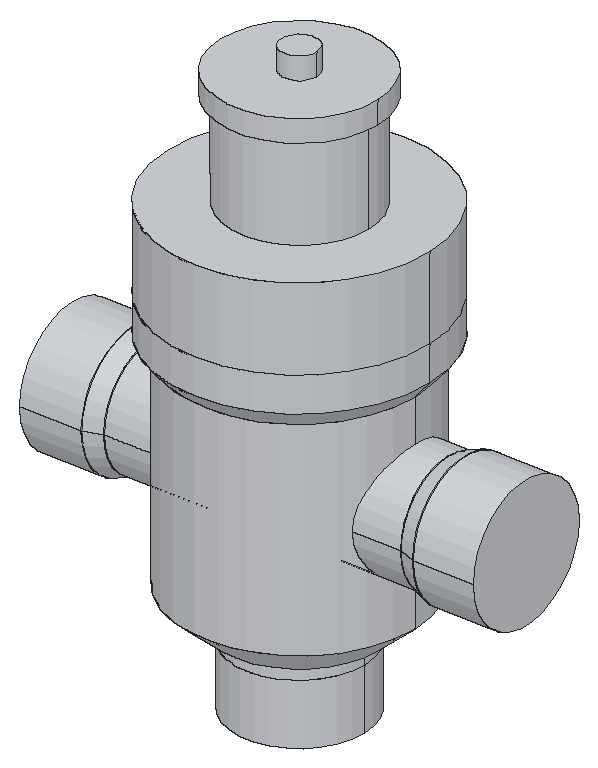
Revit family "VMX10P_DN15_PN16_RFA_2018", category Pipe Accessories, Revit 2018
Family settings
  Round Connector Dimension = Use Diameter
  Part Type = Valve - Breaks Into
  Work Plane-Based = No
  Always vertical = Yes
  Cut with Voids When Loaded = No
  Shared = No
Parameters (values of type "VMX10P G1/2  PN16 kvs0,4")
  magiProductId = ""
  magiProductFamilyId = ""
  magiPartTypeId = 320
  isMeasuringValve [instance] = no
  ang2D [instance] = 0.00°
  Z9 = 7 mm
  Z8 = 4 mm
  Z7__ve = -Z7  # -2.5 mm
  Z7 = 2.5 mm
  Z6 = 8.775 mm
  Z5 = 9.45 mm
  Z3 = 2 mm
  Z2 = 5 mm
  Z1 = 3.75 mm
  X4__ve = -X4  # -7 mm
  X4 = 7 mm
  X3 = 34 mm
  X1 = 5.2 mm
  W2D = 15 mm
  VersionID = ""
  Use Minimum Symbol Size [instance] = no
  URL = "www.hydronix.cz"
  Type Comments = "Závitový, vnější závit, ploché těsnění; LIN charakteristika; PN16; +5~+95°C; max.rychlost proudění 3,0 m/s"
  TL = 52 mm
  R9 = 9 mm
  R8 = 2 mm
  R7 = 15 mm
  R6 = 9 mm
  R5 = 10.214 mm
  R4 = 8.512 mm
  R3 = 7.5 mm
  R2 = 13.3 mm
  R10 = 8 mm
  R1 = 6.75 mm
  QmdConnectorList = "301;D;302;D;303;D"
  Productdata [instance] = ""
  Manufacturer = "Hydronix"
  MT = 1
  MC Product Code = "VMX10P (G1/2\"; dpmax=250kPa; kvs 0,4)"
  MC = yes
  LT2 = 19 mm
  L2D_Min = 30.48 mm
  L2D = 38 mm
  L = 38 mm
  H1 = 23.8 mm
  H = 27 mm
  E = 16 mm
  Description = "3 cestný regulační ventil malých spotřebičů, DN15; zdvih 2,5mm; max dp 250kPa; kvs0,4"
  DT2 = 7.5 mm
  D = 15 mm
  CS = no
  CAT0 = yes
  CAT = no
  C = 25 mm
  Assembly Code = ""
Types (8, lengths in mm): name | Z9 | Z6 | Z5 | Z2 | Z1 | X3 | X1 | W2D | TL | R6 | R5 | R4 | R3 | R2 | R1 | MC Product Code | LT2 | L2D | L | H1 | H | Description | DT2 | D | C
  VMX09P G1/2  PN16 kvs0,25 | 7 | 8.775 | 9.45 | 5 | 3.75 | 34 | 5.2 | 15 | 52 | 9 | 10.214 | 8.512 | 7.5 | 13.3 | 6.75 | "VMX09P (G1/2\"; dpmax=250kPa; kvs 0,25)" | 19 | 38 | 38 | 23.8 | 27 | "3 cestný regulační ventil malých spotřebičů, DN15; zdvih 2,5mm; max dp 250kPa; kvs0,25" | 7.5 | 15 | 25
  VMX10P G1/2  PN16 kvs0,4 | 7 | 8.775 | 9.45 | 5 | 3.75 | 34 | 5.2 | 15 | 52 | 9 | 10.214 | 8.512 | 7.5 | 13.3 | 6.75 | "VMX10P (G1/2\"; dpmax=250kPa; kvs 0,4)" | 19 | 38 | 38 | 23.8 | 27 | "3 cestný regulační ventil malých spotřebičů, DN15; zdvih 2,5mm; max dp 250kPa; kvs0,4" | 7.5 | 15 | 25
  VMX11P G1/2  PN16 kvs0,6 | 7 | 8.775 | 9.45 | 5 | 3.75 | 34 | 5.2 | 15 | 52 | 9 | 10.214 | 8.512 | 7.5 | 13.3 | 6.75 | "VMX11P (G1/2\"; dpmax=250kPa; kvs 0,6)" | 19 | 38 | 38 | 23.8 | 27 | "3 cestný regulační ventil malých spotřebičů, DN15; zdvih 2,5mm; max dp 250kPa; kvs0,6" | 7.5 | 15 | 25
  VMX12P G1/2  PN16 kvs1,0 | 7 | 8.775 | 9.45 | 5 | 3.75 | 34 | 5.2 | 15 | 52 | 9 | 10.214 | 8.512 | 7.5 | 13.3 | 6.75 | "VMX12P (G1/2\"; dpmax=250kPa; kvs 1,0)" | 19 | 38 | 38 | 23.8 | 27 | "3 cestný regulační ventil malých spotřebičů, DN15; zdvih 2,5mm; max dp 250kPa; kvs1,0" | 7.5 | 15 | 25
  VMX13P G1/2  PN16 kvs1,6 | 7 | 8.775 | 9.45 | 5 | 3.75 | 34 | 5.2 | 15 | 52 | 9 | 10.214 | 8.512 | 7.5 | 13.3 | 6.75 | "VMX13P (G1/2\"; dpmax=250kPa; kvs 1,6)" | 19 | 38 | 38 | 23.8 | 27 | "3 cestný regulační ventil malých spotřebičů, DN15; zdvih 2,5mm; max dp 250kPa; kvs1,6" | 7.5 | 15 | 25
  VMX21P G3/4  PN16 kvs2,5 | 8.8 | 8.45 | 9.1 | 6.8 | 5.1 | 38 | 5.6 | 20 | 56 | 12 | 11.29 | 9.408 | 10 | 14.7 | 9 | "VMX21P (G3/4\"; dpmax=150kPa; kvs 2,5)" | 21 | 42 | 42 | 29 | 26 | "3 cestný regulační ventil malých spotřebičů, DN20; zdvih 2,5mm; max dp 150kPa; kvs2,5" | 10 | 20 | 34
  VMX24P G3/4  PN16 kvs4,0 | 8.8 | 8.45 | 9.1 | 6.8 | 5.1 | 38 | 5.6 | 20 | 56 | 12 | 11.29 | 9.408 | 10 | 14.7 | 9 | "VMX24P (G3/4\";  dpmax A-AB=100kPa;  dpmax B-AB=40kPa;  kvs 4,0)" | 21 | 42 | 42 | 29 | 26 | "3 cestný regulační ventil malých spotřebičů, DN20; zdvih 2,5mm; max dp A-AB 100kPa; max dp B-AB 40kPa; kvs4,0" | 10 | 20 | 34
  VMX26P G3/4  PN16 kvs6,0 | 8.8 | 8.45 | 9.1 | 6.8 | 5.1 | 38 | 5.6 | 20 | 56 | 12 | 11.29 | 9.408 | 10 | 14.7 | 9 | "VMX26P (G3/4\";  dpmax A-AB=100kPa;  dpmax B-AB=40kPa;  kvs 6,0)" | 21 | 42 | 42 | 29 | 26 | "3 cestný regulační ventil malých spotřebičů, DN20; zdvih 2,5mm; max dp A-AB 100kPa; max dp B-AB 40kPa; kvs6,0" | 10 | 20 | 34
Reference planes
  plane 1 "Center (Front/Back)": y = 0
  plane 2 "XYPLANE": z = 0
  plane 3 "Center (Left/Right)": x = 0
  plane 4 "271": z = 38
  plane 5 "254": z = 11.55
  plane 6 "253": z = 17.55
  plane 7 "148": z = 40.5
  plane 8 "132": z = 43
  plane 9 "62": z = 13.55
  plane 10 "53": z = 27
  plane 11 "52": z = -12.25
  plane 12 "48": z = -16
  plane 13 "47": z = -18
  plane 14 "38": z = -23
  plane 15 "37": x = 17
  plane 16 "36": x = 19
  plane 17 "23": z = -25
  plane 18 "19": x = -17
  plane 19 "15": x = -19
  plane 20 "6": x = 26
  plane 21 "5": x = -26
  plane 22 "3": z = 0
  plane 23 "2": y = 0
  plane 24 "1": x = 0
Forms (mm)
  Extrusion 1, solid
    sketch origin (-750, 0, -25) x (1, 0, 0) y (0, 1, 0)
      loop
        circle (750, 0) r 7.5
    from 0 to 7 <- "Z9"
  Extrusion 2, solid, visible <- "CAT0"
    sketch origin (-750, 0, 43) x (1, 0, 0) y (0, 1, 0)
      loop
        circle (750, 0) r 2
    from 0 to -2.5 <- "Z7__ve"
  Extrusion 3, solid, visible <- "CAT0"
    sketch origin (-750, 0, 38) x (1, 0, 0) y (0, 1, 0)
      loop
        circle (750, 0) r 8
    from 0 to -19
  Extrusion 4, solid, visible <- "CAT0"
    sketch origin (-17, -750, 0) x (0, 1, 0) y (0, 0, 1)
      loop
        circle (750, 0) r 6.75
    from 0 to 34 <- "X3"
  Extrusion 5, solid
    sketch origin (-750, 0, 13.55) x (1, 0, 0) y (0, 1, 0)
      loop
        circle (750, 0) r 15
    from 0 to 4 <- "Z8"
  Extrusion 6, solid
    sketch origin (-750, 0, 40.5) x (1, 0, 0) y (0, 1, 0)
      loop
        circle (750, 0) r 9
    from 0 to -2.5 <- "Z7__ve"
  Extrusion 7, solid
    sketch origin (-750, 0, 17.55) x (1, 0, 0) y (0, 1, 0)
      loop
        circle (750, 0) r 15
    from 0 to 9.45 <- "Z5"
  Blend 8, solid
    base sketch origin (-750, 0, 11.55) x (1, 0, 0) y (0, 1, 0)
      loop
        circle (750, 0) r 13.3
    top sketch origin (-750, 0, 11.55) x (1, 0, 0) y (0, 1, 0)
      loop
        circle (750, 0) r 15
    from 0 to 2
  Blend 9, solid
    base sketch origin (-750, 0, -12.25) x (1, 0, 0) y (0, 1, 0)
      loop
        circle (750, 0) r 13.3
    top sketch origin (-750, 0, -12.25) x (1, 0, 0) y (0, 1, 0)
      loop
        circle (750, 0) r 9
    from 0 to -3.75
  Extrusion 10, solid
    sketch origin (-750, 0, -18) x (1, 0, 0) y (0, 1, 0)
      loop
        circle (750, 0) r 7.5
    from 0 to 2 <- "Z3"
  Extrusion 11, solid
    sketch origin (26, -750, 0) x (0, 1, 0) y (0, 0, 1)
      loop
        circle (750, 0) r 7.5
    from 0 to -7 <- "X4__ve"
  Blend 12, solid
    base sketch origin (19, -750, 0) x (0, 1, 0) y (0, 0, 1)
      loop
        circle (750, 0) r 7.5
    top sketch origin (19, -750, 0) x (0, 1, 0) y (0, 0, 1)
      loop
        circle (750, 0) r 6.75
    from 0 to -2
  Extrusion 13, solid
    sketch origin (-750, 0, -12.25) x (1, 0, 0) y (0, 1, 0)
      loop
        circle (750, 0) r 13.3
    from 0 to 23.8 <- "H1"
  Blend 14, solid
    base sketch origin (-19, -750, 0) x (0, 1, 0) y (0, 0, 1)
      loop
        circle (750, 0) r 7.5
    top sketch origin (-19, -750, 0) x (0, 1, 0) y (0, 0, 1)
      loop
        circle (750, 0) r 6.75
    from 0 to 2
  Extrusion 15, solid
    sketch origin (-26, -750, 0) x (0, 1, 0) y (0, 0, 1)
      loop
        circle (750, 0) r 7.5
    from 0 to 7 <- "X4"
  Extrusion 16, solid, not visible
    sketch origin (-750, 0, -18) x (1, 0, 0) y (0, 1, 0)
      loop
        circle (750, 0) r 10
    from 0 to 10
  Extrusion 17, solid, not visible
    sketch origin (19, -750, 0) x (0, 1, 0) y (0, 0, 1)
      loop
        circle (750, 0) r 10
    from 0 to -10
  Extrusion 18, solid, not visible
    sketch origin (-19, -750, 0) x (0, 1, 0) y (0, 0, 1)
      loop
        circle (750, 0) r 10
    from 0 to 10
Lines and regions (mm)
  reference lines, not visible
    curve 1: circle (2, 2, 0) r 1 normal (0, 0, 1)
Dimensions and locks
  plane 1 "Center (Front/Back)" to curve 1 = 2 mm
  "Z7": plane 7 "148" to plane 4 "271"
  "Z3": plane 9 "62" to plane 5 "254"
  "Z5": plane 10 "53" to plane 6 "253"
  "Z7": plane 8 "132" to plane 7 "148"
  "E": plane 10 "53" to plane 8 "132"
  "Z8": plane 6 "253" to plane 9 "62"
  "H": plane 2 "XYPLANE" to plane 10 "53"
  "Z1": plane 12 "48" to plane 11 "52"
  "Z3": plane 13 "47" to plane 12 "48"
  "Z2": plane 14 "38" to plane 13 "47"
  "Z3": plane 17 "23" to plane 14 "38"
  locked: plane 16 "36" to plane 15 "37" at 2
  "LT2": plane 3 "Center (Left/Right)" to plane 16 "36"
  "C": plane 2 "XYPLANE" to plane 17 "23"
  locked: plane 19 "15" to plane 18 "19" at 2
  "LT2": plane 3 "Center (Left/Right)" to plane 19 "15"
  "X4": plane 16 "36" to plane 20 "6"
  "X4": plane 19 "15" to plane 21 "5"
  locked: plane 2 "XYPLANE" to plane 22 "3"
  locked: plane 1 "Center (Front/Back)" to plane 23 "2"
  locked: plane 3 "Center (Left/Right)" to plane 24 "1"
  "DT2": radius of Extrusion 1 sketch curve
  "R8": radius of Extrusion 2 sketch curve
  "R10": radius of Extrusion 3 sketch curve
  "R1": radius of Extrusion 4 sketch curve
  "R7": radius of Extrusion 5 sketch curve
  "R9": radius of Extrusion 6 sketch curve
  "R7": radius of Extrusion 7 sketch curve
  "R7": radius of Blend 8 sketch curve
  "R2": radius of Blend 8 sketch curve
  "R6": radius of Blend 9 sketch curve
  "R2": radius of Blend 9 sketch curve
  "DT2": radius of Extrusion 10 sketch curve
  "DT2": radius of Extrusion 11 sketch curve
  "R1": radius of Blend 12 sketch curve
  "DT2": radius of Blend 12 sketch curve
  "R2": radius of Extrusion 13 sketch curve
  "R1": radius of Blend 14 sketch curve
  "DT2": radius of Blend 14 sketch curve
  "DT2": radius of Extrusion 15 sketch curve
  aligned and locked: level to plane 2 "XYPLANE"
  aligned and locked: plane 23 "2" to Extrusion 1 sketch curve
  aligned and locked: plane 24 "1" to Extrusion 1 sketch curve
  aligned and locked: plane 23 "2" to Extrusion 2 sketch curve
  aligned and locked: plane 24 "1" to Extrusion 2 sketch curve
  aligned and locked: plane 23 "2" to Extrusion 3 sketch curve
  aligned and locked: plane 24 "1" to Extrusion 3 sketch curve
  aligned and locked: plane 22 "3" to Extrusion 4 sketch curve
  aligned and locked: Extrusion 4 sketch curve to plane 23 "2"
  aligned and locked: plane 23 "2" to Extrusion 5 sketch curve
  aligned and locked: plane 24 "1" to Extrusion 5 sketch curve
  aligned and locked: plane 23 "2" to Extrusion 6 sketch curve
  aligned and locked: plane 24 "1" to Extrusion 6 sketch curve
  aligned and locked: plane 23 "2" to Extrusion 7 sketch curve
  aligned and locked: plane 24 "1" to Extrusion 7 sketch curve
  aligned and locked: plane 23 "2" to Blend 8 sketch curve  (x2)
  aligned and locked: plane 24 "1" to Blend 8 sketch curve  (x2)
  aligned and locked: plane 9 "62" to Blend 8
  aligned and locked: plane 23 "2" to Blend 9 sketch curve  (x2)
  aligned and locked: plane 24 "1" to Blend 9 sketch curve  (x2)
  aligned and locked: Blend 9 to plane 12 "48"
  aligned and locked: plane 23 "2" to Extrusion 10 sketch curve
  aligned and locked: plane 24 "1" to Extrusion 10 sketch curve
  aligned and locked: plane 22 "3" to Extrusion 11 sketch curve
  aligned and locked: Extrusion 11 sketch curve to plane 23 "2"
  aligned and locked: plane 22 "3" to Blend 12 sketch curve  (x2)
  aligned and locked: Blend 12 sketch curve to plane 23 "2"  (x2)
  aligned and locked: Blend 12 to plane 15 "37"
  aligned and locked: plane 23 "2" to Extrusion 13 sketch curve
  aligned and locked: plane 24 "1" to Extrusion 13 sketch curve
  aligned and locked: plane 22 "3" to Blend 14 sketch curve  (x2)
  aligned and locked: Blend 14 sketch curve to plane 23 "2"  (x2)
  aligned and locked: plane 18 "19" to Blend 14
  aligned and locked: plane 22 "3" to Extrusion 15 sketch curve
  aligned and locked: Extrusion 15 sketch curve to plane 23 "2"
  aligned and locked: plane 23 "2" to Extrusion 16 sketch curve
  aligned and locked: plane 24 "1" to Extrusion 16 sketch curve
  aligned and locked: plane 22 "3" to Extrusion 17 sketch curve
  aligned and locked: Extrusion 17 sketch curve to plane 23 "2"
  aligned and locked: plane 22 "3" to Extrusion 18 sketch curve
  aligned and locked: Extrusion 18 sketch curve to plane 23 "2"
Automatic sketch dimensions
  plane 1 "Center (Front/Back)" to Extrusion 16 sketch curve = 10 mm
  plane 1 "Center (Front/Back)" to Extrusion 17 sketch curve = 10 mm
  plane 1 "Center (Front/Back)" to Extrusion 18 sketch curve = 10 mm
  plane 3 "Center (Left/Right)" to curve 1 = 2 mm
  radius of curve 1 = 1 mm
Connectors
  piping at (-19, 0, 0), diameter 15, driven by "D"
    settings: on Extrusion 18, index 1, connector inside diameter 609.6 mm, connector length 0 mm, flow factor 0, pipe flow 0.0 L/s, pressure drop 0.0 Pa, fitting loss kfactor 0, connector angle 0.00°, fixture units 0, engagement length 0 mm, angle of deflection 0.00°, flow configuration 0, flow direction 0, fitting loss method 0, system type 29, joint type 0, gender type 0, connector reference index -1, connector utility 0, adjustable connector yes, is connector primary yes, connector description ""
  piping at (19, 0, 0), diameter 15, driven by "D"
    settings: on Extrusion 17, index 2, connector inside diameter 609.6 mm, connector length 0 mm, flow factor 0, pipe flow 0.0 L/s, pressure drop 0.0 Pa, fitting loss kfactor 0, connector angle 0.00°, fixture units 0, engagement length 0 mm, angle of deflection 0.00°, flow configuration 0, flow direction 0, fitting loss method 0, system type 29, joint type 0, gender type 0, connector reference index -1, connector utility 0, adjustable connector yes, is connector primary no, connector description ""
  piping at (0, 0, -18), diameter 15, driven by "D"
    settings: on Extrusion 16, index 3, connector inside diameter 609.6 mm, connector length 0 mm, flow factor 0, pipe flow 0.0 L/s, pressure drop 0.0 Pa, fitting loss kfactor 0, connector angle 0.00°, fixture units 0, engagement length 0 mm, angle of deflection 0.00°, flow configuration 0, flow direction 0, fitting loss method 0, system type 29, joint type 0, gender type 0, connector reference index -1, connector utility 0, adjustable connector yes, is connector primary no, connector description ""
